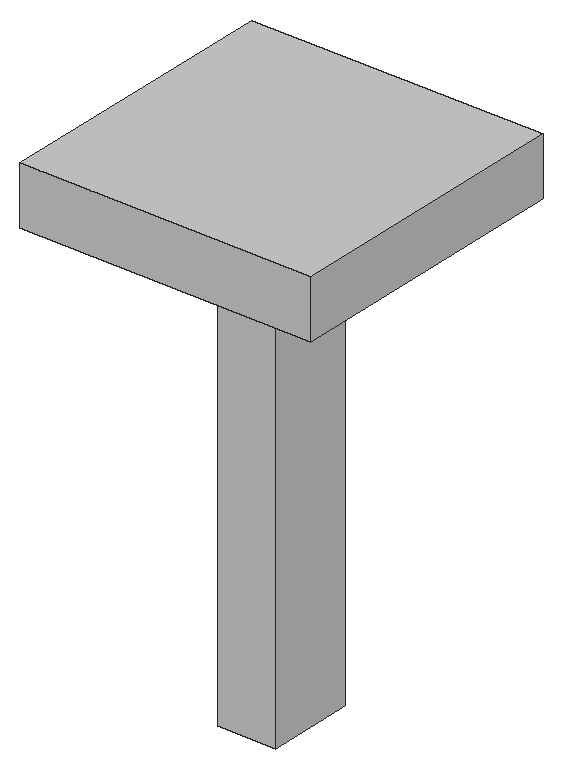
Revit family "M_Coluna retangular de concreto com cobertura solta", category Pilares estruturais, Revit 2019
Family settings
  Exibir em vistas ocultas = Arestas ocultadas por outros membros
  Forma do corte = Não definido
  Material para o comportamento do modelo = Concreto
  Exportar sempre como geometria = Não
  Redução da viga na planta = Da caixa de vinculação
  Número OmniClass = 23.25.30.11.14.11
  Título OmniClass = Columns
  ID de item do Seek = Concrete-Rectangular-Column with Drop Caps-0000-CAN-ENU
  Corte com vazios quando carregada = Não
  Representação simbólica = Da família
  Compartilhado = Não
  Exibir o pré-corte da família na vista da planta = Não
Parameters (values of type "M_300 x 450")
  Structural Material [instance] = Concreto - Moldado in loco
  Mostrar painel de transição [instance] = yes
  Mostrar capital [instance] = yes
  Altura 1 [instance] = if(Mostrar capital, Altura principal, 0 mm)  # 300 mm
  Comprimento do painel de transição = 1500 mm
  Espessura da laje = 120 mm
  Largura do painel de transição = 1500 mm
  Espessura do painel de transição = 300 mm
  Comprimento superior principal = 900 mm
  Largura superior principal = 1050 mm
  Deslocamento superior principal [instance] = if(Mostrar painel de transição, Espessura do painel de transição, 0 mm)  # 300 mm
  Altura principal = 300 mm
  Código de montagem = "B10"
  b = 300 mm
  h = 450 mm
Types (4, lengths in mm): name | b | h
  (no name) | 300 | 450
  M_300 x 450 | 300 | 450
  M_450 x 600 | 450 | 600
  M_600 x 750 | 600 | 750
Reference planes
  plane 1 "Centro (Frente/Trás)": y = 0
  plane 2: z = 0
  plane 3 "Centro (Esquerda/Direita)": x = 0
  plane 4: x = -150
  plane 5: x = 150
  plane 6: y = 225
  plane 7: y = -225
  plane 8: z = 2743.2
  plane 9: z = 2623.2
  plane 10: z = 2323.2
  plane 11: z = 2023.2
  plane 12: z = 2023.2
  plane 13: x = -750
  plane 14: x = 750
  plane 15: y = 750
  plane 16: y = -750
  plane 17: x = -450
  plane 18: x = 450
  plane 19: y = 525
  plane 20: y = -525
  plane 21: z = 2323.2
Forms (mm)
  Extrusion 1, solid, material "Concreto - Moldado in loco" <- "Structural Material"
    sketch origin (0, 0, 0) x (1, 0, 0) y (0, 1, 0)
      loop
        line (-150, 225) -> (-150, -225) -> (150, -225) -> (150, 225) -> (-150, 225)
    from 0 to 2023.2
Lines and regions (mm)
  symbolic lines, style "HiddenStructuralColumnLines"
    curve 1: line (-150, 225, 0) -> (150, 225, 0)
    curve 2: line (-150, -225, 0) -> (-150, 225, 0)
    curve 3: line (150, -225, 0) -> (-150, -225, 0)
    curve 4: line (150, 225, 0) -> (150, -225, 0)
Dimensions and locks
  equal spacing: plane 4, plane 3 "Centro (Esquerda/Direita)", plane 5
  equal spacing: plane 7, plane 1 "Centro (Frente/Trás)", plane 6
  "h": plane 7 to plane 6
  "b": plane 4 to plane 5
  "Espessura do painel de transição": plane 9 to plane 10
  "Espessura da laje": plane 8 to plane 9
  plane 11 to plane 2 = 2023.2 mm
  "Comprimento do painel de transição": plane 13 to plane 14
  equal spacing: plane 13, plane 3 "Centro (Esquerda/Direita)", plane 14
  "Largura do painel de transição": plane 16 to plane 15
  equal spacing: plane 15, plane 1 "Centro (Frente/Trás)", plane 16
  "Comprimento superior principal": plane 17 to plane 18
  equal spacing: plane 17, plane 3 "Centro (Esquerda/Direita)", plane 18
  "Largura superior principal": plane 20 to plane 19
  equal spacing: plane 20, plane 1 "Centro (Frente/Trás)", plane 19
  "Deslocamento superior principal": plane 9 to plane 21
  "Altura principal": plane 21 to plane 11
  "Altura 1": plane 21 to plane 12
  aligned and locked: level to plane 2
  aligned and locked: level to plane 8
  aligned and locked: plane 9 to nested 1
  aligned and locked: nested 1 to plane 10
  aligned and locked: nested 1 to plane 13  (x2)
  aligned and locked: plane 14 to nested 1  (x2)
  aligned and locked: plane 15 to nested 1
  aligned and locked: plane 16 to nested 1
  aligned and locked: plane 19 to nested 2
  aligned and locked: plane 20 to nested 2
  aligned and locked: nested 2 to plane 17
  aligned and locked: nested 2 to plane 18
  aligned and locked: plane 6 to Extrusion 1 sketch curve
  aligned and locked: Extrusion 1 sketch curve to plane 7
  aligned and locked: Extrusion 1 sketch curve to plane 4
  aligned and locked: plane 5 to Extrusion 1 sketch curve
  aligned and locked: plane 12 to Extrusion 1
  aligned and locked: nested 2 to plane 11
  aligned and locked: plane 21 to nested 2
  aligned and locked: plane 4 to curve 1
  aligned and locked: plane 6 to curve 1
  aligned and locked: plane 7 to curve 4
  aligned and locked: plane 5 to curve 4
Nested families
  nested 1: "M_Cobertura solta plana" at (0, 0, 2743.2), visible <- "Mostrar painel de transição", type "M_Cobertura solta plana"
  nested 2: "M_Principal mescla retangular" at (0, 0, 2443.2), visible <- "Mostrar capital", type "M_Principal mescla retangular"
Definition of nested family "M_Cobertura solta plana"
  Parameters
    Espessura da laje = 120 mm
    Material da cobertura = none
    Largura do painel de transição = 1500 mm
    Espessura do painel de transição = 300 mm
    Comprimento do painel de transição = 1500 mm
    Assembly Code = ""
  Reference planes
    plane 1 "Centro (Frente/Trás)": y = 0
    plane 2: z = 0
    plane 3 "Centro (Esquerda/Direita)": x = 0
    plane 4: y = 750
    plane 5: y = -750
    plane 6: x = -750
    plane 7: x = 750
    plane 8: z = -120
    plane 9: z = -420
  Forms (mm)
    Extrusion 1, solid, material <- "Material da cobertura"
      sketch origin (0, 0, 0) x (1, 0, 0) y (0, 1, 0)
        loop
          line (-750, 750) -> (-750, -750) -> (750, -750) -> (750, 750) -> (-750, 750)
      from -120 to -420
  Dimensions and locks
    "Comprimento do painel de transição": plane 6 to plane 7
    "Largura do painel de transição": plane 4 to plane 5
    equal spacing: plane 6, plane 3 "Centro (Esquerda/Direita)", plane 7
    equal spacing: plane 4, plane 1 "Centro (Frente/Trás)", plane 5
    "Espessura da laje": plane 2 to plane 8
    "Espessura do painel de transição": plane 8 to plane 9
    aligned and locked: plane 2 to level
    aligned and locked: plane 6 to Extrusion 1 sketch curve
    aligned and locked: Extrusion 1 sketch curve to plane 4
    aligned and locked: plane 5 to Extrusion 1 sketch curve
    aligned and locked: Extrusion 1 sketch curve to plane 7
    aligned and locked: Extrusion 1 to plane 9
    aligned and locked: plane 8 to Extrusion 1
Definition of nested family "M_Principal mescla retangular"
  Parameters
    Espessura da laje = 120 mm
    Material da cobertura = none
    Largura da cobertura superior = 1050 mm
    Comprimento da cobertura superior = 900 mm
    Espessura da cobertura = 300 mm
    Largura da cobertura base = 450 mm
    Comprimento da cobertura base = 300 mm
    Assembly Code = ""
  Reference planes
    plane 1 "Centro (Frente/Trás)": y = 0
    plane 2: z = 0
    plane 3 "Centro (Esquerda/Direita)": x = 0
    plane 4: y = 225
    plane 5: y = -225
    plane 6: x = -150
    plane 7: x = 150
    plane 8: y = 525
    plane 9: x = -450
    plane 10: x = 450
    plane 11: y = -525
    plane 12 "Cobertura superior": z = -120
    plane 13 "Cobertura base": z = -420
  Forms (mm)
    Blend 1, solid, material <- "Material da cobertura"
      base sketch origin (0, 0, -120) x (-1, 0, 0) y (0, -1, 0)
        loop
          line (150, -225) -> (150, 225) -> (-150, 225) -> (-150, -225) -> (150, -225)
      top sketch origin (0, 0, -420) x (-1, 0, 0) y (0, -1, 0)
        loop
          line (450, -525) -> (450, 525) -> (-450, 525) -> (-450, -525) -> (450, -525)
      from -300 to 300
  Dimensions and locks
    "Comprimento da cobertura base": plane 6 to plane 7
    "Largura da cobertura base": plane 4 to plane 5
    equal spacing: plane 6, plane 3 "Centro (Esquerda/Direita)", plane 7
    equal spacing: plane 4, plane 1 "Centro (Frente/Trás)", plane 5
    "Comprimento da cobertura superior": plane 9 to plane 10
    "Largura da cobertura superior": plane 11 to plane 8
    equal spacing: plane 9, plane 3 "Centro (Esquerda/Direita)", plane 10
    equal spacing: plane 11, plane 1 "Centro (Frente/Trás)", plane 8
    "Espessura da laje": plane 2 to plane 12 "Cobertura superior"
    "Espessura da cobertura": plane 12 "Cobertura superior" to plane 13 "Cobertura base"
    aligned and locked: plane 2 to level
    aligned and locked: plane 6 to Blend 1 sketch curve
    aligned and locked: Blend 1 sketch curve to plane 4
    aligned and locked: plane 5 to Blend 1 sketch curve
    aligned and locked: Blend 1 sketch curve to plane 7
    aligned and locked: plane 9 to Blend 1 sketch curve
    aligned and locked: Blend 1 sketch curve to plane 8
    aligned and locked: plane 11 to Blend 1 sketch curve
    aligned and locked: plane 10 to Blend 1 sketch curve
    aligned and locked: Blend 1 to plane 13 "Cobertura base"
    aligned and locked: plane 12 "Cobertura superior" to Blend 1
